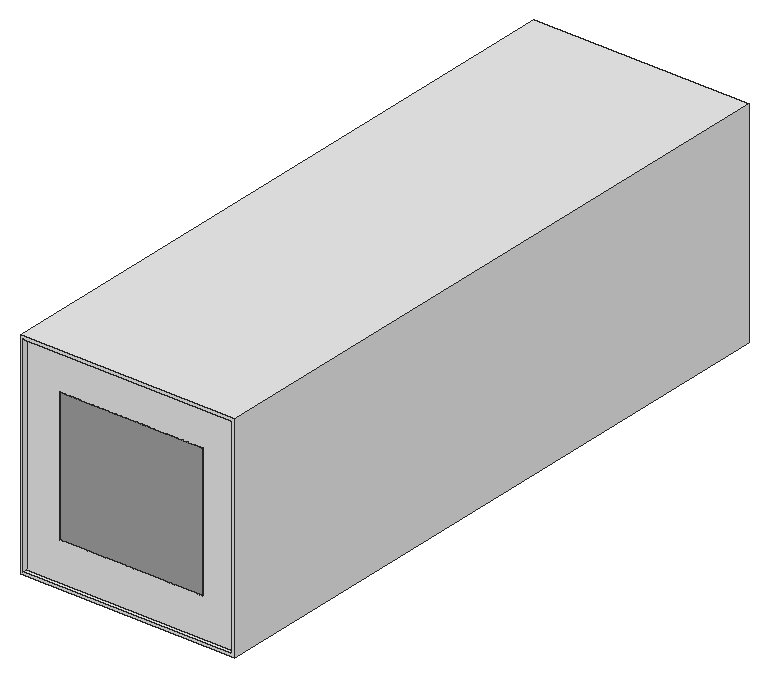
Revit family "01.Wichmann Kabelbox WD90 eckig_WAND", category HLS-Bauteile, Revit 2018
Family settings
  Basisbauteil = Wand
  Bemaßung runder Anschluss = Durchmesser verwenden
  Klassifizierung = Keine
  Teiletyp = Normal
  OmniClass-Nummer = 23.30.20.00
  OmniClass-Titel = Windows
  Immer vertikal = Ja
  Beim Laden mit Abzugskörper schneiden = Nein
  Gemeinsam genutzt = Nein
  Raumberechnungspunkt = Nein
Parameters (values of type "Kabelbox WD90 eckig, 90x90x270 mm")
  Werkstoff = Stahl
  Höhe = 90 mm
  H_rohbau = 130 mm
  H_i = 56 mm
  HAN = "00090090"
  Breite = 90 mm
  Bautiefe = 270 mm
  B_rohbau = 130 mm
  B_i = 60 mm
Types (68, lengths in mm): name | Höhe | H_rohbau | H_i | HAN | Breite | B_rohbau | B_i
  Kabelbox WD90 eckig, 60x90x270 mm | 60 | 100 | 33 | "00060090" | 90 | 130 | 60
  Kabelbox WD90 eckig, 60x120x270 mm | 60 | 100 | 33 | "00060120" | 120 | 160 | 90
  Kabelbox WD90 eckig, 60x160x270 mm | 60 | 100 | 33 | "00060160" | 160 | 200 | 130
  Kabelbox WD90 eckig, 60x180x270 mm | 60 | 100 | 33 | "00060180" | 180 | 220 | 150
  Kabelbox WD90 eckig, 60x200x270 mm | 60 | 100 | 33 | "00060200" | 200 | 240 | 170
  Kabelbox WD90 eckig, 60x240x270 mm | 60 | 100 | 33 | "00060240" | 240 | 280 | 210
  Kabelbox WD90 eckig, 60x280x270 mm | 60 | 100 | 33 | "00060280" | 280 | 320 | 250
  Kabelbox WD90 eckig, 60x335x270 mm | 60 | 100 | 33 | "00060335" | 335 | 375 | 305
  Kabelbox WD90 eckig, 60x380x270 mm | 60 | 100 | 33 | "00060380" | 380 | 420 | 350
  Kabelbox WD90 eckig, 60x435x270 mm | 60 | 100 | 33 | "00060435" | 435 | 475 | 405
  Kabelbox WD90 eckig, 60x480x270 mm | 60 | 100 | 33 | "00060480" | 480 | 520 | 450
  Kabelbox WD90 eckig, 60x535x270 mm | 60 | 100 | 33 | "00060535" | 535 | 575 | 505
  Kabelbox WD90 eckig, 60x580x270 mm | 60 | 100 | 33 | "00060580" | 580 | 620 | 550
  Kabelbox WD90 eckig, 60x640x270 mm | 60 | 100 | 33 | "00060640" | 640 | 680 | 610
  Kabelbox WD90 eckig, 80x90x270 mm | 80 | 120 | 50 | "00080090" | 90 | 130 | 60
  Kabelbox WD90 eckig, 80x120x270 mm | 80 | 120 | 50 | "00080120" | 120 | 160 | 90
  Kabelbox WD90 eckig, 80x160x270 mm | 80 | 120 | 50 | "00080160" | 160 | 200 | 130
  Kabelbox WD90 eckig, 80x180x270 mm | 80 | 120 | 50 | "00080180" | 180 | 220 | 150
  Kabelbox WD90 eckig, 80x200x270 mm | 80 | 120 | 50 | "00080200" | 200 | 240 | 170
  Kabelbox WD90 eckig, 80x240x270 mm | 80 | 120 | 50 | "00080240" | 240 | 280 | 210
  Kabelbox WD90 eckig, 80x280x270 mm | 80 | 120 | 50 | "00080280" | 280 | 320 | 250
  Kabelbox WD90 eckig, 80x335x270 mm | 80 | 120 | 50 | "00080335" | 335 | 375 | 305
  Kabelbox WD90 eckig, 80x380x270 mm | 80 | 120 | 50 | "00080380" | 380 | 420 | 350
  Kabelbox WD90 eckig, 80x435x270 mm | 80 | 120 | 50 | "00080435" | 435 | 475 | 405
  Kabelbox WD90 eckig, 80x480x270 mm | 80 | 120 | 50 | "00080480" | 480 | 520 | 450
  Kabelbox WD90 eckig, 80x535x270 mm | 80 | 120 | 50 | "00080535" | 535 | 575 | 505
  Kabelbox WD90 eckig, 80x580x270 mm | 80 | 120 | 50 | "00080580" | 580 | 620 | 550
  Kabelbox WD90 eckig, 80x640x270 mm | 80 | 120 | 50 | "00080640" | 640 | 680 | 610
  Kabelbox WD90 eckig, 90x90x270 mm | 90 | 130 | 56 | "00090090" | 90 | 130 | 60
  Kabelbox WD90 eckig, 90x120x270 mm | 90 | 130 | 56 | "00090120" | 120 | 160 | 90
  Kabelbox WD90 eckig, 90x160x270 mm | 90 | 130 | 56 | "00090160" | 160 | 200 | 130
  Kabelbox WD90 eckig, 90x180x270 mm | 90 | 130 | 56 | "00090180" | 180 | 220 | 150
  Kabelbox WD90 eckig, 90x200x270 mm | 90 | 130 | 56 | "00090200" | 200 | 240 | 170
  Kabelbox WD90 eckig, 90x240x270 mm | 90 | 130 | 56 | "00090240" | 240 | 280 | 210
  Kabelbox WD90 eckig, 90x280x270 mm | 90 | 130 | 56 | "00090280" | 280 | 320 | 250
  Kabelbox WD90 eckig, 90x335x270 mm | 90 | 130 | 56 | "00090335" | 335 | 375 | 305
  Kabelbox WD90 eckig, 90x380x270 mm | 90 | 130 | 56 | "00090380" | 380 | 420 | 350
  Kabelbox WD90 eckig, 90x435x270 mm | 90 | 130 | 56 | "00090435" | 435 | 475 | 405
  Kabelbox WD90 eckig, 90x480x270 mm | 90 | 130 | 56 | "00090480" | 480 | 520 | 450
  Kabelbox WD90 eckig, 90x535x270 mm | 90 | 130 | 56 | "00090535" | 535 | 575 | 505
  Kabelbox WD90 eckig, 90x580x270 mm | 90 | 130 | 56 | "00090580" | 580 | 620 | 550
  Kabelbox WD90 eckig, 90x640x270 mm | 90 | 130 | 56 | "00090640" | 640 | 680 | 610
  Kabelbox WD90 eckig, 100x120x270 mm | 100 | 140 | 64 | "00100120" | 120 | 160 | 90
  Kabelbox WD90 eckig, 100x160x270 mm | 100 | 140 | 64 | "00100160" | 160 | 200 | 130
  Kabelbox WD90 eckig, 100x180x270 mm | 100 | 140 | 64 | "00100180" | 180 | 220 | 150
  Kabelbox WD90 eckig, 100x200x270 mm | 100 | 140 | 64 | "00100200" | 200 | 240 | 170
  Kabelbox WD90 eckig, 100x240x270 mm | 100 | 140 | 64 | "00100240" | 240 | 280 | 210
  Kabelbox WD90 eckig, 100x280x270 mm | 100 | 140 | 64 | "00100280" | 280 | 320 | 250
  Kabelbox WD90 eckig, 100x335x270 mm | 100 | 140 | 64 | "00100335" | 335 | 375 | 305
  Kabelbox WD90 eckig, 100x380x270 mm | 100 | 140 | 64 | "00100380" | 380 | 420 | 350
  Kabelbox WD90 eckig, 100x435x270 mm | 100 | 140 | 64 | "00100435" | 435 | 475 | 405
  Kabelbox WD90 eckig, 100x480x270 mm | 100 | 140 | 64 | "00100480" | 480 | 520 | 450
  Kabelbox WD90 eckig, 100x535x270 mm | 100 | 140 | 64 | "00100535" | 535 | 575 | 505
  Kabelbox WD90 eckig, 100x580x270 mm | 100 | 140 | 64 | "00100580" | 580 | 620 | 550
  Kabelbox WD90 eckig, 100x640x270 mm | 100 | 140 | 64 | "00100640" | 640 | 680 | 610
  Kabelbox WD90 eckig, 110x120x270 mm | 110 | 150 | 70 | "00110120" | 120 | 160 | 90
  Kabelbox WD90 eckig, 110x160x270 mm | 110 | 150 | 70 | "00110160" | 160 | 200 | 130
  Kabelbox WD90 eckig, 110x180x270 mm | 110 | 150 | 70 | "00110180" | 180 | 220 | 150
  Kabelbox WD90 eckig, 110x200x270 mm | 110 | 150 | 70 | "00110200" | 200 | 240 | 170
  Kabelbox WD90 eckig, 110x240x270 mm | 110 | 150 | 70 | "00110240" | 240 | 280 | 210
  Kabelbox WD90 eckig, 110x280x270 mm | 110 | 150 | 70 | "00110280" | 280 | 320 | 250
  Kabelbox WD90 eckig, 110x335x270 mm | 110 | 150 | 70 | "00110335" | 335 | 375 | 305
  Kabelbox WD90 eckig, 110x380x270 mm | 110 | 150 | 70 | "00110380" | 380 | 420 | 350
  Kabelbox WD90 eckig, 110x435x270 mm | 110 | 150 | 70 | "00110435" | 435 | 475 | 405
  Kabelbox WD90 eckig, 110x480x270 mm | 110 | 150 | 70 | "00110480" | 480 | 520 | 450
  Kabelbox WD90 eckig, 110x535x270 mm | 110 | 150 | 70 | "00110535" | 535 | 575 | 505
  Kabelbox WD90 eckig, 110x580x270 mm | 110 | 150 | 70 | "00110580" | 580 | 620 | 550
  Kabelbox WD90 eckig, 110x640x270 mm | 110 | 150 | 70 | "00110640" | 640 | 680 | 610
Reference planes
  plane 1 "Wall": y = 0
  plane 2 "Center (Left/Right)": x = 125
  plane 3 "Back": y = 75
  plane 4: z = 538.569
  plane 5: z = 583.569
  plane 6: x = 170
  plane 7: x = 155
  plane 8: z = 555.569
  plane 9: x = 80
  plane 10: x = 95
  plane 11: z = 628.569
  plane 12: z = 611.569
  plane 13: z = 648.569
  plane 14: x = 190
  plane 15: x = 60
  plane 16: z = 518.569
  plane 17: y = 135
  plane 18: y = -135
Forms (mm)
  Extrusion 1, solid, material "Stahl" <- "Werkstoff"
    sketch origin (0, 0, 0) x (1, 0, 0) y (0, 0, 1)
      loop
        line (170, 628.569) -> (80, 628.569) -> (80, 538.569) -> (170, 538.569) -> (170, 628.569)
      loop
        line (169, 627.569) -> (81, 627.569) -> (81, 539.569) -> (169, 539.569) -> (169, 627.569)
    from -135 to 135
  Extrusion 2, solid, material "Brandschutzeinlage"
    sketch origin (0, 0, 0) x (1, 0, 0) y (0, 0, 1)
      loop
        line (169, 627.569) -> (81, 627.569) -> (81, 539.569) -> (169, 539.569) -> (169, 627.569)
      loop
        line (155, 611.569) -> (95, 611.569) -> (95, 555.569) -> (155, 555.569) -> (155, 611.569)
    from -133 to 133
  Extrusion 3, solid, material "EasyFoam"
    sketch origin (0, 0, 0) x (1, 0, 0) y (0, 0, 1)
      loop
        line (155, 611.569) -> (95, 611.569) -> (95, 555.569) -> (155, 555.569) -> (155, 611.569)
    from -133 to 133
Lines and regions (mm)
  Opening 1
    outline origin (-5000, -75, 0) x (1, 0, 0) y (0, 0, 1)
      loop
        line (5190, 648.569) -> (5060, 648.569) -> (5060, 518.569) -> (5190, 518.569) -> (5190, 648.569)
Text (mm)
  text "Placement Side" at (-1848.837, 1116.779, 0), in view "Ref. Level"
  text "Placement side" at (0, 1409.804, 2854.306), in view "Left"
  text "Placement side" at (0, 499.811, 2980.732), in view "Right"
Dimensions and locks
  locked: plane 3 "Back" to host wall
  equal spacing: plane 9, plane 2 "Center (Left/Right)", plane 6
  equal spacing: plane 10, plane 2 "Center (Left/Right)", plane 7
  "B_i": plane 10 to plane 7
  "Breite": plane 9 to plane 6
  equal spacing: plane 15, plane 2 "Center (Left/Right)", plane 14
  "B_rohbau": plane 15 to plane 14
  equal spacing: plane 8, plane 5, plane 12
  "H_i": plane 8 to plane 12
  equal spacing: plane 4, plane 5, plane 11
  "Höhe": plane 4 to plane 11
  equal spacing: plane 16, plane 5, plane 13
  "H_rohbau": plane 16 to plane 13
  locked: Extrusion 1 to plane 11 at 1
  locked: plane 4 to Extrusion 1 at 1
  locked: Extrusion 1 to plane 6 at 1
  locked: Extrusion 1 to plane 9 at 1
  locked: plane 17 to Extrusion 2 at 2
  locked: Extrusion 2 to plane 18 at 2
  equal spacing: plane 17, plane 1 "Wall", plane 18
  "Bautiefe": plane 17 to plane 18
  aligned and locked: plane 1 "Wall" to host wall
  aligned and locked: plane 13 to Opening 1 sketch curve
  aligned and locked: plane 15 to Opening 1 sketch curve
  aligned and locked: plane 16 to Opening 1 sketch curve
  aligned and locked: plane 14 to Opening 1 sketch curve
  aligned and locked: Extrusion 1 sketch curve to plane 11
  aligned and locked: Extrusion 1 sketch curve to plane 6
  aligned and locked: Extrusion 1 sketch curve to plane 4
  aligned and locked: Extrusion 1 sketch curve to plane 9
  aligned and locked: Extrusion 2 sketch curve to Extrusion 1  (x4)
  aligned and locked: Extrusion 2 sketch curve to plane 12
  aligned and locked: Extrusion 2 sketch curve to plane 7
  aligned and locked: Extrusion 2 sketch curve to plane 8
  aligned and locked: Extrusion 2 sketch curve to plane 10
  aligned and locked: Extrusion 1 to plane 17
  aligned and locked: Extrusion 1 to plane 18
  aligned and locked: Extrusion 2 to Extrusion 3  (x2)
  aligned and locked: host wall to nested 1  (x2)
  aligned and locked: plane 6 to nested 1
  aligned and locked: plane 9 to nested 1
  aligned and locked: plane 11 to nested 2
  aligned and locked: plane 4 to nested 2
  aligned and locked: nested 2 to plane 6
  aligned and locked: nested 2 to plane 9
  aligned and locked: nested 3 to host wall  (x2)
  aligned and locked: nested 3 to plane 11
  aligned and locked: nested 3 to plane 4
Automatic sketch dimensions
  plane 9 to Extrusion 1 sketch curve = 1 mm
  plane 6 to Extrusion 1 sketch curve = 1 mm
  plane 4 to Extrusion 1 sketch curve = 1 mm
  plane 11 to Extrusion 1 sketch curve = 1 mm
  Extrusion 3 sketch curve to plane 10 = 0 mm
  plane 7 to Extrusion 3 sketch curve = 0 mm
  Extrusion 3 sketch curve to plane 8 = 0 mm
  Extrusion 3 sketch curve to plane 12 = 0 mm
Nested families
  nested 1: "Side" at (125, 0, 0), type "Side"
    with h 150 mm, b 90 mm
  nested 2: "Front" at (125, 0, 583.569) x (0, 0, -1) z (0, -1, 0), type "Front"
    with x 15 mm, h 90 mm, b 90 mm
  nested 3: "Side" at (125, 0, 583.569) x (0, -1, 0) z (1, 0, 0), type "Side"
    with h 90 mm, b 150 mm
Definition of nested family "Side"
  Parameters (values of type "Side")
    h [instance] = 433.181 mm
    b [instance] = 613.979 mm
  Reference planes
    plane 1 "Center (Front/Back)": y = 0
    plane 2: z = 0
    plane 3 "Center (Left/Right)": x = 0
    plane 4: y = 216.59
    plane 5: x = -306.99
    plane 6: x = 306.99
    plane 7: y = -216.59
  Lines and regions (mm)
    detail lines, in view "Ref. Level"
      curve 1: line (-306.99, 216.59, 0) -> (306.99, 216.59, 0)
      curve 2: line (-306.99, -216.59, 0) -> (-306.99, 216.59, 0)
      curve 3: line (306.99, -216.59, 0) -> (-306.99, -216.59, 0)
      curve 4: line (306.99, 216.59, 0) -> (306.99, -216.59, 0)
      curve 5: line (306.99, -216.59, 0) -> (-306.99, 216.59, 0)
      curve 6: line (-306.99, -216.59, 0) -> (306.99, 216.59, 0)
  Dimensions and locks
    equal spacing: plane 4, plane 1 "Center (Front/Back)", plane 7
    "h": plane 4 to plane 7
    equal spacing: plane 5, plane 3 "Center (Left/Right)", plane 6
    "b": plane 5 to plane 6
    aligned and locked: curve 3 to plane 7
    aligned and locked: plane 6 to curve 4
  Automatic sketch dimensions
    curve 1 to plane 4 = 0 mm
    curve 1 to plane 5 = 0 mm
Definition of nested family "Front"
  Parameters (values of type "Front")
    h [instance] = 433.181 mm
    x [instance] = if(b < h, b, h) / 6  # 72.197 mm
    b [instance] = 613.979 mm
  Reference planes
    plane 1 "Center (Front/Back)": y = 0
    plane 2: z = 0
    plane 3 "Center (Left/Right)": x = 0
    plane 4: y = 216.59
    plane 5: x = -306.99
    plane 6: x = 306.99
    plane 7: y = -216.59
    plane 8: x = -234.793
    plane 9: y = 144.394
  Lines and regions (mm)
    Filled region 1, type "Concrete", in view "Ref. Level"
      outline origin (0, 0, 0) x (1, 0, 0) y (0, 1, 0)
        loop
          line (306.99, 216.59) -> (-306.99, 216.59) -> (-306.99, -216.59) -> (-234.793, 144.394) -> (306.99, 216.59)
    detail lines, in view "Ref. Level"
      curve 1: line (-306.99, 216.59, 0) -> (306.99, 216.59, 0)
      curve 2: line (-306.99, -216.59, 0) -> (-306.99, 216.59, 0)
      curve 3: line (306.99, -216.59, 0) -> (-306.99, -216.59, 0)
      curve 4: line (306.99, 216.59, 0) -> (306.99, -216.59, 0)
  Dimensions and locks
    equal spacing: plane 4, plane 1 "Center (Front/Back)", plane 7
    "h": plane 4 to plane 7
    equal spacing: plane 5, plane 3 "Center (Left/Right)", plane 6
    "b": plane 5 to plane 6
    "x": plane 4 to plane 9
    "x": plane 5 to plane 8
    aligned and locked: plane 9 to Filled region 1 sketch curve
    aligned and locked: plane 8 to Filled region 1 sketch curve
    aligned and locked: curve 1 to Filled region 1
    aligned and locked: curve 2 to Filled region 1
    aligned and locked: curve 3 to plane 7
    aligned and locked: plane 6 to curve 4
  Automatic sketch dimensions
    Filled region 1 sketch curve to plane 4 = 0 mm
    Filled region 1 sketch curve to plane 5 = 0 mm
    Filled region 1 sketch curve to plane 6 = 0 mm
    plane 7 to Filled region 1 sketch curve = 0 mm
